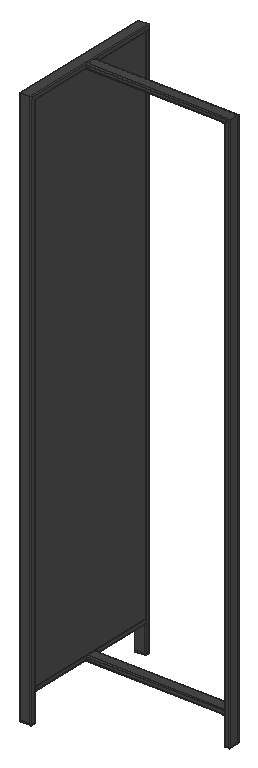
Revit family "Magnuson-Frame-Coat_Rack-1", category Furniture, Revit 2016
Family settings
  OmniClass Number = 23.40.20.00
  OmniClass Title = General Furniture and Specialties
  Work Plane-Based = No
  Always vertical = Yes
  Cut with Voids When Loaded = No
  Shared = No
  Room Calculation Point = No
Parameters (values of type "Type Catalog")
  Width = 18 1/2"
  URL = "www.magnusongroup.com"
  Type Comments = "FRAME"  # constant formula
  Salvage or Reuse = yes
  Percentage of Recycled Content = 0
  Panel = yes
  Out Panel Finish = MAG-Cork-Linoleum
  Model = "Type Catalog"
  Manufacturer = "Magnuson Group"  # constant formula
  Low Emitting Material = yes
  Low Emitting Finish = yes
  Keynote = "12500"
  Interior Panel Finish = MAG-Wood-Black
  Height = 67.08657"
  Glide Finish = MAG-Plastic-Black
  Frame Finish = MAG-Powder_Coat-Black
  Description = "Type Catalog"
  Depth = 17 21/32"
  Assembly Code = "E2020200"
Reference planes
  plane 1 "Center Front/Back": y = 0
  plane 2: z = 0
  plane 3 "Center Left/Right": x = 0
  plane 4: x = -234.95
  plane 5: x = 234.95
  plane 6: x = -200.025
  plane 7: x = 219.908
  plane 8: z = 1688.996
  plane 9: z = 1703.999
  plane 10: x = -217.507
  plane 11: y = 224.234
  plane 12: y = -224.234
Forms (mm)
  Sweep 1, solid, material "MAG-Powder_Coat-Black" <- "Frame Finish"
    path origin (0, 0, 0) x (0, 1, 0) y (0, 0, 1)
      loop
        line (-216.611, 3.81) -> (-216.611, 1696.497) -> (216.611, 1696.497) -> (216.611, 3.81)
    profile origin (0, 216.611, 850.153) x (1, 0, 0) y (0, 1, 0)
      loop
        arc (-231.914, 7.5) -> (-234.061, 6.611) -> (-234.95, 4.464) r 3.036
        line (-234.95, 4.464) -> (-234.95, -4.424)
        arc (-234.95, -4.424) -> (-234.049, -6.599) -> (-231.874, -7.5) r 3.076
        line (-231.874, -7.5) -> (-203.101, -7.5)
        arc (-203.101, -7.5) -> (-200.926, -6.599) -> (-200.025, -4.424) r 3.076
        line (-200.025, -4.424) -> (-200.025, 4.424)
        arc (-200.025, 4.424) -> (-200.926, 6.599) -> (-203.101, 7.5) r 3.076
        line (-203.101, 7.5) -> (-231.914, 7.5)
  Sweep 2, solid, material "MAG-Powder_Coat-Black" <- "Frame Finish"
    path origin (0, 0, 0) x (1, 0, 0) y (0, 0, 1)
      loop
        line (-200.025, 1696.497) -> (227.45, 1696.497) -> (227.45, 3.81)
    profile origin (13.713, 0, 1696.497) x (0, 0, 1) y (0, -1, 0)
      loop
        line (7.502, -14.429) -> (7.502, 14.429)
        arc (7.502, 14.429) -> (6.604, 16.597) -> (4.437, 17.495) r 3.065
        line (4.437, 17.495) -> (-4.425, 17.495)
        arc (-4.425, 17.495) -> (-6.599, 16.594) -> (-7.5, 14.419) r 3.076
        line (-7.5, 14.419) -> (-7.5, -14.392)
        arc (-7.5, -14.392) -> (-6.588, -16.593) -> (-4.387, -17.505) r 3.113
        line (-4.387, -17.505) -> (4.427, -17.505)
        arc (4.427, -17.505) -> (6.601, -16.604) -> (7.502, -14.429) r 3.076
  Extrusion 3, solid, material "MAG-Powder_Coat-Black" <- "Frame Finish"
    sketch origin (0, 0, 0) x (1, 0, 0) y (0, 0, 1)
      loop
        arc (-231.874, 99) -> (-234.049, 98.099) -> (-234.95, 95.924) r 3.076
        line (-234.95, 95.924) -> (-234.95, 87.113)
        arc (-234.95, 87.113) -> (-234.038, 84.912) -> (-231.836, 84) r 3.114
        line (-231.836, 84) -> (-203.102, 84)
        arc (-203.102, 84) -> (-200.926, 84.901) -> (-200.025, 87.076) r 3.077
        line (-200.025, 87.076) -> (-200.025, 95.882)
        arc (-200.025, 95.882) -> (-200.938, 98.087) -> (-203.143, 99) r 3.118
        line (-203.143, 99) -> (-231.874, 99)
    from -209.111 to 209.111
  Extrusion 4, solid, material "MAG-Powder_Coat-Black" <- "Frame Finish"
    sketch origin (0, 0, 0) x (0, 1, 0) y (0, 0, 1)
      loop
        line (14.381, 99) -> (-14.412, 99)
        arc (-14.412, 99) -> (-16.597, 98.095) -> (-17.502, 95.911) r 3.089
        line (-17.502, 95.911) -> (-17.502, 87.076)
        arc (-17.502, 87.076) -> (-16.601, 84.901) -> (-14.426, 84) r 3.076
        line (-14.426, 84) -> (14.391, 84)
        arc (14.391, 84) -> (16.588, 84.91) -> (17.498, 87.108) r 3.108
        line (17.498, 87.108) -> (17.498, 95.882)
        arc (17.498, 95.882) -> (16.585, 98.087) -> (14.381, 99) r 3.117
    from -200.025 to 219.908
  Extrusion 5, solid, material "MAG-Plastic-Black" <- "Glide Finish"
    sketch origin (0, 0, 0) x (1, 0, 0) y (0, 1, 0)
      loop
        arc (-200.025, 221.035) -> (-200.926, 223.21) -> (-203.101, 224.111) r 3.076
        line (-203.101, 224.111) -> (-231.914, 224.111)
        arc (-231.914, 224.111) -> (-234.061, 223.221) -> (-234.95, 221.075) r 3.036
        line (-234.95, 221.075) -> (-234.95, 212.186)
        arc (-234.95, 212.186) -> (-234.049, 210.012) -> (-231.874, 209.111) r 3.076
        line (-231.874, 209.111) -> (-203.101, 209.111)
        arc (-203.101, 209.111) -> (-200.926, 210.012) -> (-200.025, 212.186) r 3.076
        line (-200.025, 212.186) -> (-200.025, 221.035)
      loop
        line (-200.025, -221.035) -> (-200.025, -212.186)
        arc (-200.025, -212.186) -> (-200.926, -210.012) -> (-203.101, -209.111) r 3.076
        line (-203.101, -209.111) -> (-231.874, -209.111)
        arc (-231.874, -209.111) -> (-234.049, -210.012) -> (-234.95, -212.186) r 3.076
        line (-234.95, -212.186) -> (-234.95, -221.075)
        arc (-234.95, -221.075) -> (-234.061, -223.221) -> (-231.914, -224.111) r 3.036
        line (-231.914, -224.111) -> (-203.101, -224.111)
        arc (-203.101, -224.111) -> (-200.926, -223.21) -> (-200.025, -221.035) r 3.076
    from 0 to 3.81
  Extrusion 6, solid, material "MAG-Plastic-Black" <- "Glide Finish"
    sketch origin (0, 0, 0) x (1, 0, 0) y (0, 1, 0)
      loop
        arc (223.063, 17.505) -> (220.862, 16.593) -> (219.95, 14.392) r 3.113
        line (219.95, 14.392) -> (219.908, -14.412)
        arc (219.908, -14.412) -> (220.851, -16.594) -> (223.026, -17.495) r 3.076
        line (223.026, -17.495) -> (231.887, -17.495)
        arc (231.887, -17.495) -> (234.055, -16.597) -> (234.952, -14.429) r 3.065
        line (234.952, -14.429) -> (234.952, 14.429)
        arc (234.952, 14.429) -> (234.052, 16.604) -> (231.877, 17.505) r 3.076
        line (231.877, 17.505) -> (223.063, 17.505)
    from 0 to 3.81
  Extrusion 7, solid, material "MAG-Cork-Linoleum" <- "Out Panel Finish", visible <- "Panel"
    sketch origin (0, 0, 0) x (1, 0, 0) y (0, 1, 0)
      loop
        line (-231.836, 209.111) -> (-231.836, -209.111) -> (-226.968, -209.111) -> (-226.968, 209.111) -> (-231.836, 209.111)
    from 99 to 1688.997
  Extrusion 8, solid, material "MAG-Wood-Black" <- "Interior Panel Finish", visible <- "Panel"
    sketch origin (-435.015, 0, 0) x (-1, 0, 0) y (0, -1, 0)
      loop
        line (-231.836, -209.111) -> (-226.968, -209.111) -> (-226.968, 209.111) -> (-231.836, 209.111) -> (-231.836, -209.111)
    from 99 to 1688.997
Lines and regions (mm)
  symbolic lines
    curve 1: line (-234.95, 224.234, 0) -> (-200.025, 224.234, 0)
    curve 2: line (-234.95, -224.234, 0) -> (-234.95, 224.234, 0)
    curve 3: line (-200.025, -224.234, 0) -> (-234.95, -224.234, 0)
    curve 4: line (-200.025, 224.234, 0) -> (-200.025, -224.234, 0)
    curve 5: line (234.95, -17.495, 0) -> (-200.025, -17.495, 0)
    curve 6: line (234.95, 17.505, 0) -> (234.95, -17.495, 0)
    curve 7: line (-200.025, 17.505, 0) -> (234.95, 17.505, 0)
    curve 8: line (-200.025, -17.495, 0) -> (-200.025, 17.505, 0)
  symbolic lines, style "FurnitureHiddenLines", detail levels fine
    curve 9: line (219.908, 17.505, 0) -> (219.908, -17.495, 0)
    curve 10: line (-234.95, 209.111, 0) -> (-200.025, 209.111, 0)
    curve 11: line (-234.95, -209.111, 0) -> (-200.025, -209.111, 0)
  symbolic lines, style "FurnitureHiddenLines", visible <- "Panel", detail levels fine
    curve 12: line (-231.836, 209.111, 0) -> (-231.836, -209.111, 0)
    curve 13: line (-226.968, -209.111, 0) -> (-226.968, 209.111, 0)
    curve 14: line (-208.047, 209.111, 0) -> (-208.047, -209.111, 0)
    curve 15: line (-203.178, -209.111, 0) -> (-203.178, 209.111, 0)
Dimensions and locks
  locked: plane 4 to plane 6 at 34.925
  plane 6 to plane 5 = 17 1/8"
  locked: Sweep 2 sketch curve to plane 5 at 7.5
  locked: plane 7 to plane 5 at 15.042
  "Width": plane 4 to plane 5
  locked: plane 9 to plane 8 at 15.003
  Sweep 2 sketch curve to profile plane to Sweep 2 sketch curve = 0.56809" locked, 0.56809" locked
  Sweep 2 sketch curve to profile plane to Sweep 2 sketch curve = 0.5666" locked, 0.56768" locked
  "Height": plane 9 to plane 2
  equal spacing: plane 12, plane 1 "Center Front/Back", plane 11
  "Depth": plane 12 to plane 11
  aligned and locked: level to plane 2
  aligned and locked: Extrusion 3 to Sweep 1  (x2)
  aligned and locked: Extrusion 4 to plane 6
  aligned and locked: Extrusion 5 sketch curve to Sweep 1  (x4)
  aligned and locked: Extrusion 5 to plane 2
  aligned and locked: Extrusion 5 to Sweep 1
  aligned and locked: Sweep 2 sketch curve to plane 8
  aligned and locked: Sweep 2 sketch curve to plane 9
  aligned and locked: Extrusion 4 to plane 7
  aligned and locked: Extrusion 6 sketch curve to Sweep 2  (x4)
  aligned and locked: Extrusion 6 sketch curve to Extrusion 4
  aligned and locked: Extrusion 6 to plane 2
  aligned and locked: Extrusion 6 to Sweep 2
  aligned and locked: Extrusion 7 to Sweep 1
  aligned and locked: Extrusion 7 to Extrusion 3
  aligned and locked: Extrusion 8 to Extrusion 3
  aligned and locked: Extrusion 8 to Sweep 1
  aligned and locked: plane 5 to curve 6
  aligned and locked: curve 12 to Extrusion 7
  aligned and locked: curve 13 to Extrusion 7
  aligned and locked: curve 14 to Extrusion 8
  aligned and locked: curve 15 to Extrusion 8
Automatic sketch dimensions
  plane 8 to Sweep 1 sketch curve = 0.29528"
  plane 1 "Center Front/Back" to Sweep 1 sketch curve = 8.52798"
  Sweep 1 sketch curve to plane 1 "Center Front/Back" = 8.52798"
  level to Sweep 1 sketch curve = 0.15"  (x2)
  Sweep 1 sketch curve to profile plane = 0.17576"
  Sweep 1 sketch curve to plane 3 "Center Left/Right" = 9 1/4"
  Sweep 1 sketch curve to Sweep 1 sketch curve = 0.11952"
  Sweep 1 sketch curve to Sweep 1 sketch curve = 31/256"  (x2)
  Sweep 1 sketch curve to Sweep 1 sketch curve = 1.13439"
  Sweep 1 sketch curve to Sweep 1 sketch curve = 0"
  profile plane to Sweep 1 sketch curve = 0.17418"
  Sweep 2 sketch curve to plane 6 = 0"
  plane 8 to Sweep 2 sketch curve = 0.29529"
  level to Sweep 2 sketch curve = 0.15"
  Sweep 2 sketch curve to Sweep 2 sketch curve = 31/256"
  Sweep 2 sketch curve to Sweep 2 sketch curve = 0.12258"
  Extrusion 3 sketch curve to plane 4 = 0"
  Extrusion 3 sketch curve to plane 6 = 0"
  plane 4 to Extrusion 3 sketch curve = 31/256"
  plane 4 to Extrusion 3 sketch curve = 0.12258"
  Extrusion 3 sketch curve to Extrusion 3 sketch curve = 0.12275"
  Extrusion 3 sketch curve to Extrusion 3 sketch curve = 0.12112"
  level to Extrusion 3 sketch curve = 3.30708"
  Extrusion 3 sketch curve to Extrusion 3 sketch curve = 0.34668"
  plane 1 "Center Front/Back" to Extrusion 4 sketch curve = 0.68904"
  Extrusion 4 sketch curve to Extrusion 4 sketch curve = 31/256"
  Extrusion 4 sketch curve to Extrusion 4 sketch curve = 0.12162"
  Extrusion 4 sketch curve to plane 1 "Center Front/Back" = 0.56618"
  Extrusion 4 sketch curve to Extrusion 4 sketch curve = 0.00038"
  Extrusion 4 sketch curve to Extrusion 4 sketch curve = 0.12273"
  level to Extrusion 4 sketch curve = 3.30708"
  Extrusion 4 sketch curve to Extrusion 4 sketch curve = 0.34547"
  Extrusion 5 sketch curve to plane 4 = 0"
  Extrusion 5 sketch curve to plane 6 = 0"
  plane 4 to Extrusion 5 sketch curve = 0.11952"
  plane 4 to Extrusion 5 sketch curve = 31/256"
  Extrusion 5 sketch curve to Extrusion 5 sketch curve = 31/256"  (x2)
  plane 1 "Center Front/Back" to Extrusion 5 sketch curve = 8.2327"
  Extrusion 5 sketch curve to Extrusion 5 sketch curve = 0.34836"
  Extrusion 6 sketch curve to Extrusion 6 sketch curve = 0.00026"
  Extrusion 6 sketch curve to Extrusion 6 sketch curve = 0.00043"
  plane 4 to Extrusion 7 sketch curve = 0.12258"
  Extrusion 7 sketch curve to Extrusion 7 sketch curve = 0.19167"
  plane 1 "Center Front/Back" to Extrusion 7 sketch curve = 8.2327"
  Extrusion 7 sketch curve to plane 1 "Center Front/Back" = 8.2327"
  plane 6 to Extrusion 8 sketch curve = 0.12415"
  Extrusion 8 sketch curve to Extrusion 8 sketch curve = 0.19167"
  Extrusion 8 sketch curve to plane 1 "Center Front/Back" = 8.2327"
  plane 1 "Center Front/Back" to Extrusion 8 sketch curve = 8.2327"
  curve 1 to plane 4 = 0"
  curve 5 to plane 6 = 0"
  curve 11 to plane 6 = 0"
  curve 9 to plane 7 = 0"
  plane 12 to curve 3 = 0"
  curve 2 to plane 11 = 0"
  plane 1 "Center Front/Back" to curve 8 = 0.68877"
  curve 6 to plane 1 "Center Front/Back" = 0.68918"
  curve 2 to curve 11 = 0.59542"
  curve 10 to curve 1 = 0.59542"
  curve 15 to curve 11 = 0"
  curve 15 to curve 10 = 0"
